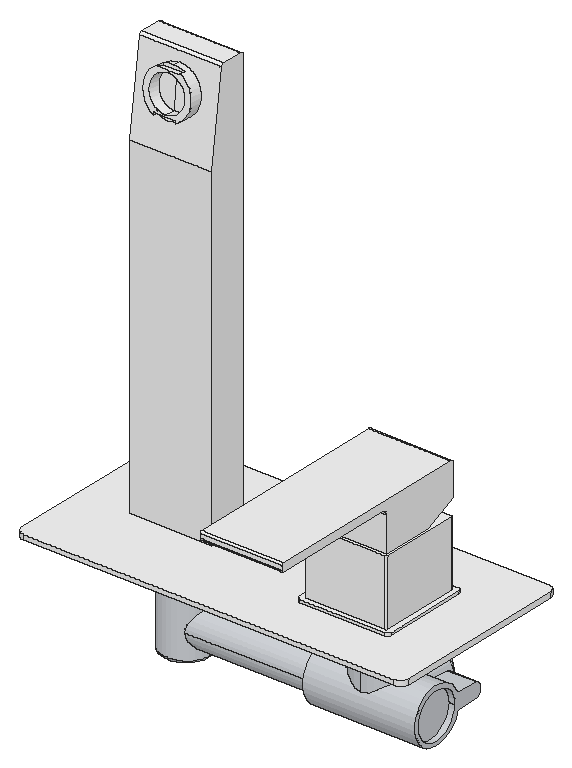
Revit family "Reece_Tap_Mizu_Bloc MK2_Bath Mixer Set", category Plumbing Fixtures, host Face, Revit 2018
Family settings
  Host = Face
  Round Connector Dimension = Use Diameter
  Part Type = Normal
  Cut with Voids When Loaded = No
  Shared = Yes
  Room Calculation Point = Yes
Parameters
  WFU = 0  # constant formula
  URL = "https://www.reece.com.au/product/-9508073"
  Type Comments = "Tap\r\n"
  Reece_Tap_Reach = 203 mm  # constant formula
  Reece_Tap_Inlet = 25 mm  # constant formula
  Reece_Tap_Clearance = 36 mm  # constant formula
  Reece_Product_Web Page = "https://www.reece.com.au/product/-9508073"
  Reece_Product_Type = "Tap\r\n"  # constant formula
  Reece_Product_Sub Brand = "Bloc MK2\r\n"  # constant formula
  Reece_Product_Number = "9508073"
  Reece_Product_Mount = "Wall Mounted"
  Reece_Product_Description = "Mizu Bloc MK2 Wall Bath Mixer Tap Set Chrome"
  Reece_Product_Brand = "Mizu\r\n"  # constant formula
  Reece_Overall_Width = 200 mm  # constant formula
  Reece_Overall_Length = 100 mm  # constant formula
  Reece_Overall_Height = 139 mm  # constant formula
  Reece_Material-Main = Reece_Brass_Chrome
  Reece_Detail_Installation = ""
  Reece_Detail_Disclaimer = "THIS FILE IS THE PROPERTY OF THE REECE GROUP. IT MAY NOT BE REPRODUCED, REVERSE-ENGINEERED OR MODIFIED. ANY REPUBLICATION, TRANSMISSION OR DISTRIBUTION FOR THE PURPOSE OF COMMERCIALLY EXPLOITING THE FILES IS PROHIBITED."  # constant formula
  Reece_Detail_Connector = ""
  Reece_Detail_Additional = "Bath Mixer Set\r\n"  # constant formula
  Model = "Bloc MK2\r\n"
  Manufacturer = "Mizu\r\n"
  Keynote = "Product #9508073, Reece_Tap_Mizu_Bloc MK2_Bath Mixer Set -  "
  HWFU = 0  # constant formula
  Disclaimer = "THIS FILE IS THE PROPERTY OF THE REECE GROUP. IT MAY NOT BE REPRODUCED, REVERSE-ENGINEERED OR MODIFIED. ANY REPUBLICATION, TRANSMISSION OR DISTRIBUTION FOR THE PURPOSE OF COMMERCIALLY EXPLOITING THE FILES IS PROHIBITED."  # constant formula
  Description = "Mizu Bloc MK2 Wall Bath Mixer Tap Set Chrome"
  Default Elevation = 1000 mm
  CWFU = 0  # constant formula
Types (3, lengths in mm): name | URL | Reece_Product_Web Page | Reece_Product_Number | Reece_Product_Description | Reece_Material-Main | Keynote | Description
  (no name) | "https://www.reece.com.au/product/-9508073" | "https://www.reece.com.au/product/-9508073" | "9508073" | "Mizu Bloc MK2 Wall Bath Mixer Tap Set Chrome" | Reece_Brass_Chrome | "Product #9508073, Reece_Tap_Mizu_Bloc MK2_Bath Mixer Set -  " | "Mizu Bloc MK2 Wall Bath Mixer Tap Set Chrome"
  Chrome | "https://www.reece.com.au/product/-9508073" | "https://www.reece.com.au/product/-9508073" | "9508073" | "Mizu Bloc MK2 Wall Bath Mixer Tap Set Chrome" | Reece_Brass_Chrome | "Product #9508073, Reece_Tap_Mizu_Bloc MK2_Bath Mixer Set - Chrome" | "Mizu Bloc MK2 Wall Bath Mixer Tap Set Chrome"
  Matte Black | "https://www.reece.com.au/product/-9508087" | "https://www.reece.com.au/product/-9508087" | "9508087" | "Mizu Bloc MK2 Wall Bath Mixer Tap Set Matte Black" | Reece_Brass_Matte Black | "Product #9508087, Reece_Tap_Mizu_Bloc MK2_Bath Mixer Set - Matte Black" | "Mizu Bloc MK2 Wall Bath Mixer Tap Set Matte Black"
Reference planes
  plane 1 "Center (Front/Back)": y = 0
  plane 2 "Bottom": z = 0
  plane 3 "Center (Left/Right)": x = 0
  plane 4: z = 64.055
  plane 5: z = 37.918
  plane 6: z = -56.108
  plane 7 "top": z = 222.892
  plane 8: z = 205.571
  plane 9: x = 50
  plane 10: y = 50.042
  plane 11: y = -49.958
  plane 12: x = -50
  plane 13: y = -88.958
  plane 14: y = 21.002
  plane 15: x = -98.343
  plane 16: x = 101.657
  plane 17: z = 2.571
  plane 18: y = -13.958
Forms (mm)
  Extrusion 1, solid
    sketch origin (50.581, 0, 0.182) x (0, 1, 0) y (0, 0, 1)
      loop
        arc (27.671, -40.423) -> (27.105, -38.998) -> (25.715, -38.352) r 2.075
        line (25.715, -38.352) -> (14.251, -37.697)
        arc (14.251, -37.697) -> (13.306, -37.405) -> (12.605, -36.709) r 2.065
        arc (12.605, -36.709) -> (-14.259, -42.344) -> (12.666, -47.68) r 14.007
        arc (12.666, -47.68) -> (13.13, -46.559) -> (14.251, -46.095) r 1.585
        line (14.251, -46.095) -> (25.576, -45.528)
        arc (25.576, -45.528) -> (27.064, -44.846) -> (27.671, -43.326) r 2.205
        line (27.671, -43.326) -> (27.671, -40.423)
    from -28.981 to 28.981
  Revolve 2, solid
    sketch origin (50.269, 0, 0) x (0, 1, 0) y (0, 0, 1)
      loop
        arc (29.5, -56.006) -> (30.536, -55.577) -> (30.965, -54.541) r 1.465
        line (30.965, -54.541) -> (30.965, -41.714) -> (-13.423, -41.714) -> (-13.423, -43.07)
        arc (-13.423, -43.07) -> (-9.635, -52.217) -> (-0.488, -56.006) r 12.935
        line (-0.488, -56.006) -> (29.5, -56.006)
      axis (30.965, -41.714) -> (-13.423, -41.714)
    angle from 0 to 360
  Revolve 3, solid
    sketch origin (50.581, 0, 0) x (0, 1, 0) y (0, 0, 1)
      loop
        line (-12.825, -7.147) -> (-12.825, -38.395) -> (3.125, -38.395) -> (3.125, -5.105) -> (-14.796, -5.105)
        arc (-14.796, -5.105) -> (-13.398, -5.728) -> (-12.825, -7.147) r 2.044
      axis (3.125, -5.105) -> (3.125, -38.395)
    angle from 0 to 360
  Extrusion 4, void
    sketch origin (51.206, 0, -0.625) x (1, 0, 0) y (0, 0, 1)
      loop
        circle (0.156, -41.698) r 12
    from -26.249 to -38.389
  Extrusion 5, void
    sketch origin (50.581, 0, -0.625) x (0, 1, 0) y (0, 0, 1)
      loop
        circle (-0.313, -41.714) r 12
    from 25.624 to 35.9
  Extrusion 6, void
    sketch origin (50.581, 0, -0.625) x (0, 1, 0) y (0, 0, -1)
      loop
        circle (-0.313, 41.714) r 12
    from 25.624 to 35.9
  Revolve 7, solid
    sketch origin (50, 3.125, 0) x (0, 1, 0) y (0, 0, 1)
      loop
        line (-15.421, -5.105) -> (0, -5.105) -> (0, -0.234) -> (-26.6, -0.234)
        arc (-26.6, -0.234) -> (-26.169, -1.48) -> (-25.141, -2.305) r 2.38
        line (-25.141, -2.305) -> (-25.141, -4.033)
        arc (-25.141, -4.033) -> (-24.931, -4.555) -> (-24.417, -4.784) r 0.751
        line (-24.417, -4.784) -> (-15.421, -5.105)
      axis (0, -0.234) -> (0, -5.105)
    angle from 0 to 360
  Extrusion 8, solid, material "Reece_Brass_Chrome" <- "Reece_Material-Main"
    sketch origin (49.653, 0, 0) x (0, -1, 0) y (0, 0, 1)
      loop
        line (-21.002, 46.308) -> (-5.18, 38.914) -> (21.601, 38.914) -> (21.601, 56.95)
        arc (21.601, 56.95) -> (22.525, 59.179) -> (24.755, 60.103) r 3.153
        line (24.755, 60.103) -> (88.153, 60.103)
        arc (88.153, 60.103) -> (88.722, 60.339) -> (88.958, 60.908) r 0.805
        line (88.958, 60.908) -> (88.958, 63.146)
        arc (88.958, 63.146) -> (88.692, 63.789) -> (88.05, 64.055) r 0.909
        line (88.05, 64.055) -> (-19.98, 64.055)
        arc (-19.98, 64.055) -> (-20.703, 63.756) -> (-21.002, 63.033) r 1.022
        line (-21.002, 63.033) -> (-21.002, 46.308)
    from -21.241 to 21.241
  Extrusion 9, solid, material "Reece_Brass_Chrome" <- "Reece_Material-Main"
    sketch origin (-2.629, 0, -0.156) x (1, 0, 0) y (0, 1, 0)
      loop
        line (74.341, 23.307) -> (30.916, 23.307)
        arc (30.916, 23.307) -> (29.504, 22.723) -> (28.916, 21.313) r 2
        line (28.916, 21.313) -> (28.783, -22.111)
        arc (28.783, -22.111) -> (29.356, -23.502) -> (30.745, -24.079) r 1.962
        line (30.745, -24.079) -> (74.356, -24.079)
        arc (74.356, -24.079) -> (75.77, -23.493) -> (76.356, -22.079) r 2
        line (76.356, -22.079) -> (76.356, 21.293)
        arc (76.356, 21.293) -> (75.766, 22.717) -> (74.341, 23.307) r 2.014
    from 2.708 to 4.075
  Extrusion 10, solid, material "Reece_Brass_Chrome" <- "Reece_Material-Main"
    sketch origin (0, 0, 0) x (1, 0, 0) y (0, 1, 0)
      loop
        line (-98.343, 45.933) -> (-98.343, -45.767)
        arc (-98.343, -45.767) -> (-97.115, -48.731) -> (-94.151, -49.958) r 4.192
        line (-94.151, -49.958) -> (97.467, -49.958)
        arc (97.467, -49.958) -> (100.43, -48.731) -> (101.657, -45.769) r 4.19
        line (101.657, -45.769) -> (101.657, 45.842)
        arc (101.657, 45.842) -> (100.427, 48.812) -> (97.457, 50.042) r 4.2
        line (97.457, 50.042) -> (-94.234, 50.042)
        arc (-94.234, 50.042) -> (-97.14, 48.838) -> (-98.343, 45.933) r 4.109
    from 0 to 2.571
  Extrusion 11, solid, material "Reece_Brass_Chrome" <- "Reece_Material-Main"
    sketch origin (0, 0, 0) x (0, 1, 0) y (0, 0, 1)
      loop
        arc (10.284, 221.532) -> (9.885, 222.493) -> (8.924, 222.892) r 1.36
        line (8.924, 222.892) -> (-2.045, 222.892)
        arc (-2.045, 222.892) -> (-3.001, 222.534) -> (-3.487, 221.636) r 1.456
        line (-3.487, 221.636) -> (-9.845, 176.094) -> (-9.846, 2.845) -> (10.283, 2.845) -> (10.284, 221.532)
    from -71.334 to -28.833
  Extrusion 12, void
    sketch origin (0, 0, 0) x (1, 0, 0) y (0, 0, 1)
      loop
        circle (50.313, -41.993) r 12
    from -36.25 to -30.096
  Extrusion 13, solid
    sketch origin (0, 0, 0) x (0, 1, 0) y (0, 0, 1)
      loop
        circle (-0.313, -42.339) r 10
    from -50 to 50
  Extrusion 14, void
    sketch origin (0, 0, 0) x (1, 0, 0) y (0, 1, 0)
      loop
        circle (-50, 0) r 13.5
    from -23.891 to -2.305
  Revolve 15, solid
    sketch origin (0, 0, 0) x (1, 0, 0) y (0, 0, 1)
      loop
        line (-50, -0.917) -> (-50, -56.108) -> (-38.001, -56.108)
        arc (-38.001, -56.108) -> (-37.647, -55.961) -> (-37.5, -55.607) r 0.501
        line (-37.5, -55.607) -> (-37.5, -0.917) -> (-50, -0.917)
      axis (-50, -0.917) -> (-50, -56.108)
    angle from 0 to 360
  Extrusion 16, void
    sketch origin (0, 0, 0) x (1, 0, 0) y (0, 1, 0)
      loop
        circle (50.581, 3.125) r 18
    from -16.492 to -5.105
  Revolve 17, solid, material "Reece_Brass_Chrome" <- "Reece_Material-Main"
    sketch origin (49.653, 0.014, 0.006) x (0, 1, 0) y (0, 0, 1)
      loop
        line (-19.077, 37.918) -> (0, 37.918) -> (0, 52.259)
        arc (0, 52.259) -> (-12.408, 48.906) -> (-19.077, 37.918) r 17.297
      axis (0, 52.259) -> (0, 37.918)
    angle from 0 to 360
  Revolve 18, solid, material "Reece_Brass_Chrome" <- "Reece_Material-Main"
    sketch origin (-50, 2.482, 1219.206) x (0, -1, 0) y (0, 0, 1)
      loop
        line (6.606, -1002.334) -> (8.273, -1014.38) -> (9.084, -1014.279) -> (7.824, -1005.165) -> (13.817, -1004.308) -> (13.427, -1001.198) -> (6.606, -1002.334)
      axis (8.117, -1014.4) -> (14.974, -1013.541)
    angle from 0 to 360
  Extrusion 19, void
    sketch origin (0, 0.014, 0.006) x (0, 1, 0) y (0, 0, 1)
      loop
        line (-7.817, 218.613) -> (-12.433, 219.241) -> (-12.837, 216.268) -> (-8.221, 215.64) -> (-7.817, 218.613)
    from -55.66 to -44.347
  Extrusion 20, void
    sketch origin (0, -3.737, -23.676) x (0, 1, 0) y (0, 0, 1)
      loop
        line (-7.733, 219.224) -> (-11.697, 219.763) -> (-12.074, 216.988) -> (-8.111, 216.449) -> (-7.733, 219.224)
    from -55.66 to -44.347
  Extrusion 21, solid, material "Reece_Brass_Chrome" <- "Reece_Material-Main"
    sketch origin (0, 0, 0) x (1, 0, 0) y (0, 1, 0)
      loop
        arc (29.211, 21.12) -> (28.645, 20.886) -> (28.411, 20.32) r 0.8
        line (28.411, 20.32) -> (28.411, -20.801)
        arc (28.411, -20.801) -> (28.645, -21.367) -> (29.211, -21.601) r 0.8
        line (29.211, -21.601) -> (70.094, -21.601)
        arc (70.094, -21.601) -> (70.66, -21.367) -> (70.894, -20.801) r 0.8
        line (70.894, -20.801) -> (70.894, 20.362)
        arc (70.894, 20.362) -> (70.672, 20.898) -> (70.135, 21.12) r 0.758
        line (70.135, 21.12) -> (29.211, 21.12)
    from 3.918 to 37.924
  Revolve 22, solid, material "Reece_Brass_Chrome" <- "Reece_Material-Main"
    sketch origin (50.007, 21.011, 1222.953) x (0, 1, 0) y (0, 0, 1)
      loop
        line (1.168, -1164.314) -> (-5.603, -1164.314) -> (-5.603, -1168.314) -> (2.895, -1168.314)
        arc (2.895, -1168.314) -> (2.706, -1166.389) -> (1.847, -1164.655) r 5.379
        arc (1.847, -1164.655) -> (1.548, -1164.404) -> (1.168, -1164.314) r 0.847
      axis (2.895, -1168.314) -> (-5.603, -1168.314)
    angle from 0 to 360
Cuts and joins
  Extrusion 19, Extrusion 20 cuts Revolve 18
  joined: Extrusion 8, Extrusion 9, Extrusion 10, Extrusion 11, Revolve 17, Revolve 18, Extrusion 21, Revolve 22
  Extrusion 4, Extrusion 5, Extrusion 6 cuts Extrusion 1
  Extrusion 12 cuts Revolve 2
  joined: Extrusion 1, Revolve 2, Revolve 3, Extrusion 13, Revolve 15
Text (mm)
  text "Reece Copyright © 2018, Reece Ltd." at (36.045, -176.794, 0), in view "Ref. Level"
  text "Reece ©" at (90.751, 227.549, 114.577), in view "Reece Preview"
Dimensions and locks
  plane 12 to plane 9 = 100 mm
  "Reece_Overall_Length": plane 11 to plane 10
  "Reece_Overall_Width": plane 15 to plane 16
  "Reece_Overall_Height": plane 13 to plane 10
  Extrusion 10 to Extrusion 10 = 2.571 mm
  "Reece_Tap_Clearance": plane 18 to plane 11
  plane 14 to plane 13 = 109.961 mm
  cut or joined group 1 (Extrusion 8, Extrusion 9, Extrusion 10, Extrusion 11, Revolve 17, Revolve 18, Extrusion 19, Extrusion 20, Extrusion 21, Revolve 22) to plane 5 = 35.347 mm  (x2)
  host face to cut or joined group 1 = 60 mm  (x2)
  plane 6 to plane 7 "top" = 279 mm  (x3)
  plane 15 to plane 16 = 200 mm  (x2)
  plane 8 to cut or joined group 1 = 203 mm
  plane 5 to cut or joined group 1 = 35.347 mm  (x2)
  plane 7 "top" to plane 6 = 279 mm
  plane 17 to plane 2 "Bottom" = 2.571 mm
  cut or joined group 1 to cut or joined group 1 = 42.483 mm  (x2)
  cut or joined group 1 to plane 8 = 203 mm
  "Reece_Tap_Reach": plane 8 to plane 17
  plane 13 to plane 14 = 109.961 mm
  aligned and locked: plane 2 "Bottom" to host face
  aligned and locked: level to host face
  aligned and locked: plane 12 to Revolve 15 sketch curve
Automatic sketch dimensions
  host sketch curve to host sketch curve = 380.785 mm
  host sketch curve to host sketch curve = 317.421 mm
  plane 1 "Center (Front/Back)" to Extrusion 1 sketch curve = 0.252 mm
  Extrusion 1 sketch curve to plane 14 = 6.751 mm  (x2)
  Extrusion 1 sketch curve to Extrusion 1 sketch curve = 0.118 mm  (x2)
  plane 14 to Extrusion 1 sketch curve = 4.464 mm
  Extrusion 1 sketch curve to Extrusion 1 sketch curve = 0.11 mm
  Extrusion 1 sketch curve to Extrusion 1 sketch curve = 0.13 mm
  Extrusion 1 sketch curve to Extrusion 1 sketch curve = 2.205 mm
  Extrusion 1 sketch curve to plane 6 = 8.61 mm
  Extrusion 1 sketch curve to Extrusion 1 sketch curve = 1.585 mm
  Extrusion 1 sketch curve to plane 6 = 10.762 mm
  Extrusion 1 sketch curve to Extrusion 1 sketch curve = 5.414 mm
  Extrusion 1 sketch curve to Extrusion 1 sketch curve = 2.903 mm
  Extrusion 1 sketch curve to Extrusion 1 sketch curve = 8.398 mm
  Extrusion 1 sketch curve to Extrusion 1 sketch curve = 2.062 mm
  plane 18 to Revolve 2 sketch curve = 0.535 mm
  plane 1 "Center (Front/Back)" to Revolve 2 sketch curve = 0.488 mm
  Revolve 2 sketch curve to plane 6 = 0.102 mm
  plane 14 to Revolve 2 sketch curve = 8.498 mm
  plane 14 to Revolve 2 sketch curve = 9.963 mm
  Revolve 2 sketch curve to Revolve 2 sketch curve = 12.828 mm
  Revolve 2 sketch curve to plane 11 = 11.066 mm
  plane 10 to Revolve 2 sketch curve = 5.254 mm
  Revolve 2 sketch curve to plane 6 = 14.395 mm
  Revolve 3 sketch curve to plane 18 = 0.91 mm
  Revolve 3 sketch curve to plane 18 = 0.837 mm
  plane 18 to Revolve 3 sketch curve = 1.133 mm
  Revolve 3 sketch curve to plane 1 "Center (Front/Back)" = 3.125 mm  (x2)
  Revolve 3 sketch curve to plane 6 = 17.713 mm
  Revolve 3 sketch curve to level = 7.147 mm
  Revolve 3 sketch curve to plane 6 = 0.889 mm
  plane 17 to Revolve 3 sketch curve = 6.855 mm
  plane 9 to Extrusion 4 sketch curve = 1.363 mm
  Extrusion 4 sketch curve to plane 6 = 13.785 mm
  plane 1 "Center (Front/Back)" to Extrusion 5 sketch curve = 0.312 mm
  Extrusion 5 sketch curve to plane 6 = 13.77 mm
  plane 1 "Center (Front/Back)" to Extrusion 6 sketch curve = 0.312 mm
  Extrusion 6 sketch curve to plane 6 = 13.77 mm
  Revolve 7 sketch curve to plane 1 "Center (Front/Back)" = 3.125 mm  (x2)
  plane 18 to Revolve 7 sketch curve = 1.663 mm
  Revolve 7 sketch curve to level = 0.109 mm
  Revolve 7 sketch curve to Revolve 7 sketch curve = 8.803 mm
  Revolve 7 sketch curve to Revolve 7 sketch curve = 0.167 mm
  Revolve 7 sketch curve to level = 4.784 mm
  Revolve 7 sketch curve to Revolve 7 sketch curve = 0.027 mm
  Revolve 7 sketch curve to Revolve 7 sketch curve = 0.751 mm
  Revolve 7 sketch curve to level = 0.234 mm
  Revolve 7 sketch curve to Revolve 7 sketch curve = 2.376 mm
  Revolve 7 sketch curve to Revolve 7 sketch curve = 4.87 mm
  Revolve 7 sketch curve to Revolve 7 sketch curve = 9.999 mm
  plane 17 to Revolve 7 sketch curve = 3.946 mm
  Extrusion 8 sketch curve to plane 14 = 0 mm
  Extrusion 8 sketch curve to plane 13 = 0 mm
  Extrusion 8 sketch curve to plane 4 = 0 mm
  Extrusion 8 sketch curve to plane 14 = 1.022 mm
  plane 5 to Extrusion 8 sketch curve = 0.996 mm
  Extrusion 8 sketch curve to plane 1 "Center (Front/Back)" = 5.18 mm
  Extrusion 8 sketch curve to plane 18 = 7.643 mm
  Extrusion 8 sketch curve to Extrusion 8 sketch curve = 3.153 mm
  plane 13 to Extrusion 8 sketch curve = 0.909 mm
  plane 13 to Extrusion 8 sketch curve = 0.805 mm
  plane 5 to Extrusion 8 sketch curve = 8.389 mm
  Extrusion 8 sketch curve to plane 4 = 7.106 mm
  Extrusion 9 sketch curve to plane 18 = 8.153 mm
  Extrusion 9 sketch curve to plane 9 = 23.846 mm
  plane 14 to Extrusion 9 sketch curve = 0.311 mm
  Extrusion 9 sketch curve to plane 9 = 23.712 mm
  Extrusion 9 sketch curve to Extrusion 9 sketch curve = 1.962 mm
  plane 14 to Extrusion 9 sketch curve = 2.305 mm
  Extrusion 9 sketch curve to Extrusion 9 sketch curve = 2 mm  (x2)
  plane 14 to Extrusion 9 sketch curve = 0.29 mm  (x2)
  plane 9 to Extrusion 9 sketch curve = 21.712 mm
  Extrusion 9 sketch curve to plane 18 = 10.121 mm
  plane 9 to Extrusion 9 sketch curve = 21.727 mm
  Extrusion 9 sketch curve to plane 18 = 8.121 mm
  Extrusion 10 sketch curve to plane 15 = 0 mm
  plane 10 to Extrusion 10 sketch curve = 0 mm
  plane 11 to Extrusion 10 sketch curve = 0 mm
  Extrusion 10 sketch curve to plane 16 = 0 mm
  Extrusion 10 sketch curve to plane 15 = 4.109 mm
  Extrusion 10 sketch curve to plane 15 = 4.192 mm
  plane 16 to Extrusion 10 sketch curve = 4.2 mm
  Extrusion 10 sketch curve to Extrusion 10 sketch curve = 4.19 mm
  plane 17 to Extrusion 11 sketch curve = 0.274 mm
  plane 18 to Extrusion 11 sketch curve = 4.112 mm
  plane 18 to Extrusion 11 sketch curve = 4.113 mm
  plane 7 "top" to Extrusion 11 sketch curve = 1.256 mm
  plane 1 "Center (Front/Back)" to Extrusion 11 sketch curve = 3.487 mm
  Extrusion 11 sketch curve to Extrusion 11 sketch curve = 1.442 mm
  plane 7 "top" to Extrusion 11 sketch curve = 0 mm  (x2)
  Extrusion 11 sketch curve to Extrusion 11 sketch curve = 0 mm  (x3)
  plane 7 "top" to Extrusion 11 sketch curve = 1.36 mm
  Extrusion 11 sketch curve to plane 1 "Center (Front/Back)" = 8.924 mm
  Extrusion 11 sketch curve to plane 8 = 29.477 mm
  plane 9 to Extrusion 12 sketch curve = 0.313 mm
  Extrusion 12 sketch curve to plane 6 = 14.115 mm
  plane 1 "Center (Front/Back)" to Extrusion 13 sketch curve = 0.312 mm
  Extrusion 13 sketch curve to plane 6 = 13.77 mm
  plane 1 "Center (Front/Back)" to Extrusion 14 sketch curve = 0 mm
  Extrusion 14 sketch curve to plane 12 = 0 mm
  plane 12 to Revolve 15 sketch curve = 0 mm
  Revolve 15 sketch curve to plane 6 = 0 mm
  Revolve 15 sketch curve to plane 12 = 11.999 mm
  Revolve 15 sketch curve to plane 17 = 3.488 mm
  Revolve 15 sketch curve to plane 12 = 12.5 mm
  Revolve 15 sketch curve to Revolve 15 sketch curve = 15.06 mm
  Revolve 15 sketch curve to plane 5 = 16.537 mm
  plane 9 to Extrusion 16 sketch curve = 0.581 mm
  Extrusion 16 sketch curve to plane 1 "Center (Front/Back)" = 3.125 mm
  plane 5 to Revolve 17 sketch curve = 0.006 mm
  Revolve 17 sketch curve to plane 18 = 5.105 mm
  plane 1 "Center (Front/Back)" to Revolve 17 sketch curve = 2 mm
  Revolve 17 sketch curve to plane 1 "Center (Front/Back)" = 0.014 mm  (x2)
  Revolve 17 sketch curve to plane 5 = 2.833 mm
  Revolve 17 sketch curve to plane 6 = 6.885 mm
  plane 4 to Revolve 17 sketch curve = 42.829 mm
  plane 1 "Center (Front/Back)" to Revolve 18 sketch curve = 4.124 mm
  Revolve 18 sketch curve to Revolve 18 sketch curve = 1.218 mm
  Revolve 18 sketch curve to plane 8 = 0.746 mm
  plane 1 "Center (Front/Back)" to Revolve 18 sketch curve = 5.791 mm
  Revolve 18 sketch curve to plane 8 = 0.644 mm
  Revolve 18 sketch curve to Revolve 18 sketch curve = 0.811 mm
  plane 18 to Revolve 18 sketch curve = 3.013 mm
  plane 18 to Revolve 18 sketch curve = 2.624 mm
  plane 8 to Revolve 18 sketch curve = 8.47 mm
  Revolve 18 sketch curve to Revolve 18 sketch curve = 0.856 mm
  Revolve 18 sketch curve to Revolve 18 sketch curve = 2.83 mm
  Revolve 18 sketch curve to Revolve 18 sketch curve = 3.11 mm
  Revolve 18 sketch curve to plane 1 "Center (Front/Back)" = 0.014 mm
  plane 8 to Revolve 18 sketch curve = 2.068 mm
  Revolve 18 sketch curve to plane 18 = 14.292 mm
  Revolve 18 sketch curve to plane 8 = 1.473 mm
  plane 18 to Extrusion 19 sketch curve = 1.135 mm
  plane 18 to Extrusion 19 sketch curve = 1.54 mm
  Extrusion 19 sketch curve to Extrusion 19 sketch curve = 4.616 mm
  plane 7 "top" to Extrusion 19 sketch curve = 7.246 mm
  Extrusion 19 sketch curve to Extrusion 19 sketch curve = 0.628 mm
  Extrusion 20 sketch curve to plane 18 = 1.853 mm
  Extrusion 20 sketch curve to plane 18 = 1.475 mm
  plane 18 to Extrusion 20 sketch curve = 2.111 mm
  Extrusion 20 sketch curve to plane 8 = 12.797 mm
  Extrusion 20 sketch curve to Extrusion 20 sketch curve = 0.539 mm
  Extrusion 21 sketch curve to plane 18 = 6.843 mm  (x2)
  Extrusion 21 sketch curve to plane 9 = 21.589 mm
  Extrusion 21 sketch curve to Extrusion 21 sketch curve = 0.8 mm  (x2)
  plane 9 to Extrusion 21 sketch curve = 20.094 mm
  Extrusion 21 sketch curve to Extrusion 21 sketch curve = 0.758 mm
  Extrusion 21 sketch curve to plane 14 = 0.682 mm
  Revolve 22 sketch curve to plane 14 = 5.594 mm
  Revolve 22 sketch curve to plane 14 = 2.457 mm
  plane 14 to Revolve 22 sketch curve = 1.177 mm
  plane 14 to Revolve 22 sketch curve = 2.905 mm
  Revolve 22 sketch curve to plane 4 = 9.416 mm
  Revolve 22 sketch curve to Revolve 22 sketch curve = 0.444 mm
  Revolve 22 sketch curve to Revolve 22 sketch curve = 3.153 mm
  Revolve 22 sketch curve to Revolve 22 sketch curve = 0.341 mm
  Revolve 22 sketch curve to Revolve 22 sketch curve = 1.904 mm
  plane 14 to Revolve 22 sketch curve = 1.342 mm
  Revolve 22 sketch curve to Revolve 22 sketch curve = 0 mm
  radius of Extrusion 4 sketch curve = 12 mm
  radius of Extrusion 5 sketch curve = 12 mm
  radius of Extrusion 6 sketch curve = 12 mm
  radius of Extrusion 12 sketch curve = 12 mm
  radius of Extrusion 13 sketch curve = 10 mm
  radius of Extrusion 14 sketch curve = 13.5 mm
  radius of Extrusion 16 sketch curve = 18 mm
Connectors
  piping at (50.313, 30.096, -41.993), diameter 25, driven by "Reece_Tap_Inlet"
    settings: on cut or joined group 2 (Extrusion 1, Revolve 2, Revolve 3, Extrusion 4, Extrusion 5, Extrusion 6, Extrusion 12, Extrusion 13, Revolve 15), index 1, connector inside diameter 609.6 mm, connector length 0 mm, flow factor 0, pipe flow 0.0 L/s, pressure drop 0.0 Pa, fitting loss kfactor 0, connector angle 0.00°, fixture units 0, engagement length 0 mm, angle of deflection 0.00°, flow configuration 0, flow direction 1, fitting loss method 0, system type 29, joint type 0, gender type 0, connector reference index -1, connector utility 0, adjustable connector no, is connector primary yes, connector description ""
  piping at (76.206, -0.313, -42.339), diameter 25, driven by "Reece_Tap_Inlet"
    settings: on cut or joined group 2, index 2, connector inside diameter 609.6 mm, connector length 0 mm, flow factor 0, pipe flow 0.0 L/s, pressure drop 0.0 Pa, fitting loss kfactor 0, connector angle 0.00°, fixture units 0, engagement length 0 mm, angle of deflection 0.00°, flow configuration 0, flow direction 1, fitting loss method 0, system type 29, joint type 0, gender type 0, connector reference index -1, connector utility 0, adjustable connector no, is connector primary no, connector description ""
  piping at (-50, 0, -9.564), diameter 25, driven by "Reece_Tap_Inlet"
    settings: on host face, index 3, connector inside diameter 609.6 mm, connector length 0 mm, flow factor 0, pipe flow 0.0 L/s, pressure drop 0.0 Pa, fitting loss kfactor 0, connector angle 0.00°, fixture units 0, engagement length 0 mm, angle of deflection 0.00°, flow configuration 0, flow direction 1, fitting loss method 0, system type 29, joint type 0, gender type 0, connector reference index -1, connector utility 0, adjustable connector no, is connector primary no, connector description ""
